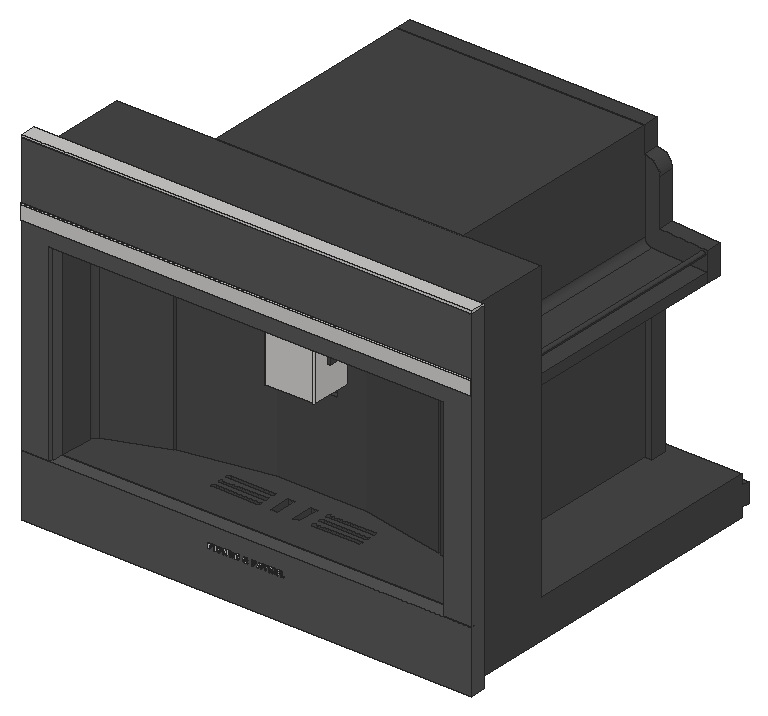
Revit family "FP_Revit_18_EB60DSXB2_Coffee_Maker_90000809A", category Specialty Equipment, Revit 2018
Family settings
  Round Connector Dimension = Use Diameter
  Part Type = Normal
  OmniClass Number = 23.40.40.14.17.31
  OmniClass Title = Small Specialized Cooking Equipment
  Work Plane-Based = No
  Always vertical = Yes
  Cut with Voids When Loaded = Yes
  Shared = No
  Room Calculation Point = No
Parameters (values of type "EB60DSXB2")
  Visibility - Clearance Required = yes
  URL = "www.fisherpaykel.com"
  Product - Width = 596 mm  # constant formula
  Product - Height = 458 mm  # constant formula
  Product - Depth = 480 mm  # constant formula
  Model = "EB60DSXB2"
  Material - Trim = Fisher & Paykel - Stainless Steel
  Material - Glass = Fisher & Paykel - Glass, Black
  Material - Body = Fisher & Paykel - Black
  Manufacturer = "Fisher & Paykel Appliances"
  FFL Offset [instance] = 860 mm
  Description = "Built in Coffee Maker 60cm"
  Connector Description - Electrical = "220-240 V, 50 Hz, 6.1 A"
  Chassis - Width = 560 mm  # constant formula
  Chassis - Height = 445 mm  # constant formula
  Chassis - Depth = 460 mm  # constant formula
  Cavity - Width = 560 mm  # constant formula
  Cavity - Height = 460 mm  # constant formula
  Cavity - Depth = 545 mm  # constant formula
Reference planes
  plane 1 "Center (Front/Back)": y = 0
  plane 2: z = 0
  plane 3 "Center (Left/Right)": x = 0
  plane 4: z = 1320
  plane 5: z = 1318
  plane 6 "Product LHS": x = -298
  plane 7 "Product RHS": x = 298
  plane 8 "Cavity LHS": x = -300
  plane 9 "Cavity RHS": x = 300
  plane 10 "Cavity - Depth": y = 545
  plane 11 "Front Face": y = -20
  plane 12 "Product Depth": y = 460
  plane 13 "FFL Offset": z = 860
Forms (mm)
  Extrusion 1, solid, material "Fisher & Paykel - Glass, Black" <- "Material - Glass", detail levels fine
    sketch origin (0, 0, 915) x (0, 1, 0) y (0, 0, 1)
      loop
        line (0, -54) -> (0, 400) -> (-18.19, 400)
        arc (-18.19, 400) -> (-19.179, 399.792) -> (-20, 399.202) r 2.451
        line (-20, 399.202) -> (-20, 28.9) -> (-13, 28.9) -> (-13, 27.85) -> (-20, 27.85) -> (-20, -54) -> (0, -54)
    from -298 to 298
  Extrusion 2, solid, material "Fisher & Paykel - Stainless Steel" <- "Material - Trim", detail levels fine
    sketch origin (0, 0, 0) x (0, 1, 0) y (0, 0, 1)
      loop
        line (0, 1318) -> (-20, 1318) -> (-20, 1315) -> (0, 1315) -> (0, 1318)
    from -298 to 298
  Extrusion 3, solid, material "Fisher & Paykel - Stainless Steel" <- "Material - Trim", detail levels fine
    sketch origin (0, 0, 915) x (0, 1, 0) y (0, 0, 1)
      loop
        line (-20, 303) -> (-20, 322.8) -> (-20.827, 322.8) -> (-21.702, 320.52) -> (-21.702, 303) -> (-20, 303)
    from -298 to 298
  Extrusion 4, solid, material "Fisher & Paykel - Black" <- "Material - Body"
    sketch origin (0, 0, 0) x (0, 1, 0) y (0, 0, 1)
      loop
        line (116.01, 911.9) -> (116.01, 1305) -> (0, 1305) -> (0, 860) -> (450.02, 860) -> (450.02, 872.9) -> (460, 872.9) -> (460, 898.96) -> (450.02, 898.96) -> (450.02, 911.9) -> (116.01, 911.9)
    from -280 to 280
  Extrusion 5, solid, material "Fisher & Paykel - Black" <- "Material - Body", detail levels fine
    sketch origin (0, 0, 915) x (1, 0, 0) y (0, 0, 1)
      loop
        circle (255.488, 264.858) r 3
      loop
        arc (187.564, 248.08) -> (180.801, 250.881) -> (178, 257.644) r 9.564
        line (178, 257.644) -> (178, 390) -> (-150, 390) -> (-150, 258.403)
        arc (-150, 258.403) -> (-152.821, 251.442) -> (-159.691, 248.408) r 10
        line (-159.691, 248.408) -> (-261.967, 245.247) -> (-261.967, 232.285) -> (-159.605, 228.24)
        arc (-159.605, 228.24) -> (-152.791, 225.178) -> (-150, 218.248) r 10
        line (-150, 218.248) -> (-150, -3.1) -> (178, -3.1) -> (178, 219.061)
        arc (178, 219.061) -> (180.801, 225.824) -> (187.564, 228.625) r 9.564
        line (187.564, 228.625) -> (261.48, 231.852) -> (261.48, 244.856) -> (187.564, 248.08)
      loop
        circle (-255.488, 265.27) r 3
    from -415.81 to -116.01
  Extrusion 6, solid, material "Fisher & Paykel - Black" <- "Material - Body", detail levels fine
    sketch origin (0, 0, 0) x (1, 0, 0) y (0, 0, 1)
      loop
        line (261.48, 1185.549) -> (197.977, 1189.414) -> (197.977, 1250.8)
        arc (197.977, 1250.8) -> (192.126, 1264.926) -> (178, 1270.777) r 19.977
        line (178, 1270.777) -> (178, 1305) -> (-150.023, 1305) -> (-150.023, 1270.366)
        arc (-150.023, 1270.366) -> (-164.149, 1264.514) -> (-170, 1250.389) r 19.977
        line (-170, 1250.389) -> (-170, 1189.558) -> (-261.967, 1185.943) -> (-261.967, 1147.299) -> (-170, 1143.699) -> (-170, 860) -> (-120, 860) -> (-120, 1262.538) -> (145.224, 1262.538) -> (145.224, 911.9) -> (188.072, 911.9) -> (188.072, 1143.699) -> (261.48, 1146.905) -> (261.48, 1185.549)
    from -436.81 to -415.81
  Extrusion 7, void
    sketch origin (0, 0, 0) x (1, 0, 0) y (0, 1, 0)
      loop
        line (-261, -20.25) -> (261, -20.25) -> (261, -16.15) -> (258.097, 43.307)
        arc (258.097, 43.307) -> (256.532, 47.844) -> (252.912, 50.994) r 9.287
        arc (252.912, 50.994) -> (215.2, 66.982) -> (176.484, 80.359) r 600.007
        line (176.484, 80.359) -> (176.484, 87.818) -> (173.853, 87.818) -> (173.853, 81.162)
        arc (173.853, 81.162) -> (0, 106.902) -> (-173.853, 81.162) r 600.007
        line (-173.853, 81.162) -> (-173.853, 87.818) -> (-176.484, 87.818) -> (-176.484, 80.359)
        arc (-176.484, 80.359) -> (-215.2, 66.982) -> (-252.912, 50.994) r 600.007
        arc (-252.912, 50.994) -> (-256.532, 47.844) -> (-258.097, 43.307) r 9.287
        line (-258.097, 43.307) -> (-261, -16.15) -> (-261, -20.25)
    from 942.8 to 1197.8
  Extrusion 8, void
    sketch origin (0, 0, 0) x (1, 0, 0) y (0, 1, 0)
      loop
        arc (-96.162, 73.7) -> (-99.162, 70.7) -> (-96.162, 67.7) r 3
        line (-96.162, 67.7) -> (-36.788, 67.7)
        arc (-36.788, 67.7) -> (-33.788, 70.7) -> (-36.788, 73.7) r 3
        line (-36.788, 73.7) -> (-96.162, 73.7)
      loop
        arc (-96.162, 61.7) -> (-99.162, 58.7) -> (-96.162, 55.7) r 3
        line (-96.162, 55.7) -> (-36.788, 55.7)
        arc (-36.788, 55.7) -> (-33.788, 58.7) -> (-36.788, 61.7) r 3
        line (-36.788, 61.7) -> (-96.162, 61.7)
      loop
        arc (-96.162, 49.7) -> (-99.162, 46.7) -> (-96.162, 43.7) r 3
        line (-96.162, 43.7) -> (-36.788, 43.7)
        arc (-36.788, 43.7) -> (-33.788, 46.7) -> (-36.788, 49.7) r 3
        line (-36.788, 49.7) -> (-96.162, 49.7)
      loop
        line (-19.49, 73.102) -> (-19.49, 44.102) -> (-10.49, 44.102) -> (-10.49, 73.102) -> (-19.49, 73.102)
      loop
        line (96.162, 73.7) -> (36.788, 73.7)
        arc (36.788, 73.7) -> (33.788, 70.7) -> (36.788, 67.7) r 3
        line (36.788, 67.7) -> (96.162, 67.7)
        arc (96.162, 67.7) -> (99.162, 70.7) -> (96.162, 73.7) r 3
      loop
        line (96.162, 61.7) -> (36.788, 61.7)
        arc (36.788, 61.7) -> (33.788, 58.7) -> (36.788, 55.7) r 3
        line (36.788, 55.7) -> (96.162, 55.7)
        arc (96.162, 55.7) -> (99.162, 58.7) -> (96.162, 61.7) r 3
      loop
        line (96.162, 49.7) -> (36.788, 49.7)
        arc (36.788, 49.7) -> (33.788, 46.7) -> (36.788, 43.7) r 3
        line (36.788, 43.7) -> (96.162, 43.7)
        arc (96.162, 43.7) -> (99.162, 46.7) -> (96.162, 49.7) r 3
      loop
        line (19.49, 73.102) -> (10.49, 73.102) -> (10.49, 44.102) -> (19.49, 44.102) -> (19.49, 73.102)
    from 932.9 to 942.8
  Extrusion 9, solid, material "Fisher & Paykel - Black" <- "Material - Body"
    sketch origin (0, 0, 0) x (1, 0, 0) y (0, 1, 0)
      loop
        line (-238.877, 57.3) -> (238.036, 57.3) -> (238.036, 116.01) -> (-238.877, 116.01) -> (-238.877, 57.3)
    from 1171.8 to 1197.8
  Extrusion 10, solid, material "Fisher & Paykel - Stainless Steel" <- "Material - Trim"
    sketch origin (0, 0, 0) x (1, 0, 0) y (0, 1, 0)
      loop
        line (-33, 105.99) -> (-33, 52.807)
        arc (-33, 52.807) -> (-32.412, 51.388) -> (-30.993, 50.8) r 2.007
        line (-30.993, 50.8) -> (31, 50.8)
        arc (31, 50.8) -> (32.414, 51.386) -> (33, 52.8) r 2
        line (33, 52.8) -> (33, 105.99) -> (-33, 105.99)
    from 1083.8 to 1183.5
  Extrusion 11, void
    sketch origin (0, 0, 0) x (1, 0, 0) y (0, 0, 1)
      loop
        line (-19.5, 1083.8) -> (-19.5, 1061.827) -> (19.5, 1061.827) -> (19.5, 1083.8) -> (-19.5, 1083.8)
    from -115 to -105
  Extrusion 12, solid, material "Fisher & Paykel - Black" <- "Material - Body", detail levels fine
    sketch origin (0, 0, 0) x (1, 0, 0) y (0, 0, 1)
      loop
        line (45.9, 1172.885) -> (45.9, 1163.535) -> (47.549, 1163.535) -> (47.549, 1147.911)
        arc (47.549, 1147.911) -> (55.35, 1140.11) -> (63.15, 1147.911) r 7.801
        line (63.15, 1147.911) -> (63.15, 1163.235) -> (73.436, 1163.235) -> (73.436, 1172.885) -> (45.9, 1172.885)
    from -106.934 to -61.01
  Extrusion 13, solid, material "Fisher & Paykel - Black" <- "Material - Body", detail levels fine
    sketch origin (0, 0, 915) x (1, 0, 0) y (0, 0, 1)
      loop
        line (53.653, 257.885) -> (53.653, 225.297)
        arc (53.653, 225.297) -> (55.35, 225.11) -> (57.047, 225.297) r 7.805
        line (57.047, 225.297) -> (57.047, 257.885) -> (53.653, 257.885)
    from -61.01 to -47.51
  Extrusion 14, solid, material "Fisher & Paykel - Black" <- "Material - Body", detail levels fine
    sketch origin (0, 0, 915) x (1, 0, 0) y (0, 0, 1)
      loop
        line (115.224, 76.056) -> (75.224, 76.056) -> (75.224, 21.056) -> (115.224, 21.056) -> (115.224, 76.056)
    from -417 to -415.81
  Extrusion 15, solid, material "Fisher & Paykel - Black" <- "Material - Body", detail levels fine
    sketch origin (0, 0, 915) x (1, 0, 0) y (0, 0, 1)
      loop
        line (107.224, 68.056) -> (83.224, 68.056) -> (83.224, 29.056) -> (107.224, 29.056) -> (107.224, 68.056)
    from -436.81 to -417
  Extrusion 16, solid, material "Fisher & Paykel - Black" <- "Material - Body", detail levels fine
    sketch origin (0, 0, 0) x (1, 0, 0) y (0, 1, 0)
      loop
        circle (95.857, 430.81) r 5
    from 983.056 to 1003
  Extrusion 17, void
    sketch origin (0, 0, 915) x (0, 1, 0) y (0, 0, 1)
      loop
        line (445.9, -19.903) -> (0, -19.903) -> (0, -55) -> (445.9, -55) -> (445.9, -19.903)
    from -54 to 54
  Extrusion 18, solid, material "Fisher & Paykel - Black", detail levels fine
    sketch origin (0, 0, 0) x (1, 0, 0) y (0, 1, 0)
      loop
        line (-210.55, 31.63) -> (-210.55, 5.8) -> (-193.27, 5.8) -> (-193.27, 31.63) -> (-210.55, 31.63)
      loop
        line (-203.25, 13.924) -> (-203.25, 14.725)
        arc (-203.25, 14.725) -> (-201.75, 22.856) -> (-200.25, 14.725) r 4.204
        line (-200.25, 14.725) -> (-200.25, 13.924)
        arc (-200.25, 13.924) -> (-201.75, 23.687) -> (-203.25, 13.924) r 4.997
      loop
        line (-202.15, 17.61) -> (-202.15, 12.8) -> (-201.35, 12.8) -> (-201.35, 17.61) -> (-202.15, 17.61)
    from 1196.9 to 1197.8
  Extrusion 19, solid, material "Fisher & Paykel - Clearance Required", visible <- "Visibility - Clearance Required", detail levels coarse
    sketch origin (0, 0, 0) x (1, 0, 0) y (0, 1, 0)
      loop
        line (-300, 0) -> (-300, -20) -> (300, -20) -> (300, 0) -> (-300, 0)
    from 860 to 1320
  Extrusion 20, solid, material "Fisher & Paykel - Clearance Required", visible <- "Visibility - Clearance Required", detail levels coarse
    sketch origin (0, 0, 0) x (1, 0, 0) y (0, 1, 0)
      loop
        line (-280, 0) -> (280, 0) -> (280, 545) -> (-280, 545) -> (-280, 0)
    from 860 to 1310
  Extrusion 21, solid, material "Fisher & Paykel - Black" <- "Material - Body", detail levels coarse+medium
    sketch origin (0, -20, 915) x (-1, 0, 0) y (0, 0, 1)
      loop
        line (-197.977, 274.414) -> (-261.48, 274.414) -> (-261.48, 228.699) -> (-188.072, 228.699) -> (-188.072, -3.1) -> (170, -3.1) -> (170, 228.699) -> (261.967, 228.699) -> (261.967, 274.558) -> (170, 274.558) -> (170, 390.05) -> (-197.977, 390.05) -> (-197.977, 274.414)
    from 136.01 to 456.81
  Extrusion 22, solid, material "Fisher & Paykel - Glass, Black" <- "Material - Glass", detail levels coarse+medium
    sketch origin (0, 0, 915) x (1, 0, 0) y (0, 0, 1)
      loop
        line (-298, -54) -> (298, -54) -> (298, 403) -> (-298, 403) -> (-298, -54)
      loop
        line (261, 282.85) -> (-261, 282.85) -> (-261, 27.85) -> (261, 27.85) -> (261, 282.85)
    from 0 to 20
  Extrusion 23, void
    sketch origin (0, 0, 0) x (1, 0, 0) y (0, 1, 0)
      loop
        line (-280, 545) -> (-280, 0) -> (280, 0) -> (280, 545) -> (-280, 545)
    from 860 to 1310
  Extrusion 24, void
    sketch origin (0, 0, 0) x (1, 0, 0) y (0, 1, 0)
      loop
        line (-300, 0) -> (-300, -20) -> (300, -20) -> (300, 0) -> (-300, 0)
    from 860 to 1320
Cuts and joins
  Extrusion 7 cuts Extrusion 1
  Extrusion 7, Extrusion 8, Extrusion 11, Extrusion 17 cuts Extrusion 4
  joined: Extrusion 4, Extrusion 9
Lines and regions (mm)
  model lines, detail levels medium+fine
    curve 1: line (-47, -20, 1293.952) -> (47, -20, 1293.952)
    curve 2: line (-47, -20, 1240.952) -> (-47, -20, 1293.952)
    curve 3: line (47, -20, 1240.952) -> (-47, -20, 1240.952)
    curve 4: line (47, -20, 1293.952) -> (47, -20, 1240.952)
Text (mm)
  text "Due to ongoing product development, product details are subject to change without notice. \nPlease always refer to www.fisherpaykel.com for the most current product information. \n© Fisher & Paykel 2020" at (41.04, -248.295, 0), in view "Ref. Level (Plan)"
Dimensions and locks
  equal spacing: plane 6 "Product LHS", plane 3 "Center (Left/Right)", plane 7 "Product RHS"
  "Product - Width": plane 6 "Product LHS" to plane 7 "Product RHS"
  equal spacing: plane 8 "Cavity LHS", plane 3 "Center (Left/Right)", plane 9 "Cavity RHS"
  locked: plane 8 "Cavity LHS" to plane 9 "Cavity RHS" at 600
  "Cavity - Depth": plane 10 "Cavity - Depth" to plane 1 "Center (Front/Back)"
  plane 11 "Front Face" to plane 1 "Center (Front/Back)" = 20 mm
  "Chassis - Depth": plane 1 "Center (Front/Back)" to plane 12 "Product Depth"
  "Product - Depth": plane 12 "Product Depth" to plane 11 "Front Face"
  "Chassis - Width": cut or joined group of Extrusion 4, Extrusion 7, Extrusion 8, Extrusion 9, Extrusion 11, Extrusion 17 to cut or joined group of Extrusion 4, Extrusion 7, Extrusion 8, Extrusion 9, Extrusion 11, Extrusion 17
  "FFL Offset": plane 13 "FFL Offset" to level
  "Chassis - Height": cut or joined group of Extrusion 4, Extrusion 7, Extrusion 8, Extrusion 9, Extrusion 11, Extrusion 17 to plane 13 "FFL Offset"
  "Product - Height": plane 5 to plane 13 "FFL Offset"
  "Cavity - Height": plane 4 to plane 13 "FFL Offset"
  locked: Extrusion 23 to plane 13 "FFL Offset" at 450
  locked: plane 5 to Extrusion 21 at 12.95
  locked: Extrusion 3 to plane 13 "FFL Offset" at 358
  locked: plane 13 "FFL Offset" to cut or joined group of Extrusion 1, Extrusion 7 at 1
  locked: plane 13 "FFL Offset" to cut or joined group of Extrusion 4, Extrusion 7, Extrusion 8, Extrusion 9, Extrusion 11, Extrusion 17 at 82.8
  locked: plane 13 "FFL Offset" to Extrusion 22 sketch curve at 337.85
  locked: cut or joined group of Extrusion 4, Extrusion 7, Extrusion 8, Extrusion 9, Extrusion 11, Extrusion 17 to plane 13 "FFL Offset" at 337.8
  locked: cut or joined group of Extrusion 4, Extrusion 7, Extrusion 8, Extrusion 9, Extrusion 11, Extrusion 17 to plane 13 "FFL Offset" at 51.9
  locked: plane 5 to Extrusion 3 at 100
  locked: plane 5 to Extrusion 22 at 120.15
  locked: plane 5 to Extrusion 22 at 375.15
  locked: Extrusion 16 to plane 13 "FFL Offset" at 143
  locked: cut or joined group of Extrusion 4, Extrusion 7, Extrusion 8, Extrusion 9, Extrusion 11, Extrusion 17 to cut or joined group of Extrusion 4, Extrusion 7, Extrusion 8, Extrusion 9, Extrusion 11, Extrusion 17 at 9.9
  locked: nested 1 to plane 13 "FFL Offset" at 61.04
  locked: Extrusion 10 to plane 13 "FFL Offset" at 323.5
  locked: Extrusion 10 to plane 13 "FFL Offset" at 223.8
  locked: cut or joined group of Extrusion 4, Extrusion 7, Extrusion 8, Extrusion 9, Extrusion 11, Extrusion 17 to plane 13 "FFL Offset" at 201.827
  locked: cut or joined group of Extrusion 4, Extrusion 7, Extrusion 8, Extrusion 9, Extrusion 11, Extrusion 17 to plane 13 "FFL Offset" at 311.8
  locked: Extrusion 12 to plane 13 "FFL Offset" at 312.885
  locked: Extrusion 22 to Extrusion 18 at 0.95
  locked: plane 5 to Extrusion 23 at 8
  locked: Extrusion 17 sketch curve to plane 13 "FFL Offset" at 35.097
  plane 5 to curve 3 = 77.048 mm
  locked: plane 5 to curve 1 at 24.048
  locked: Extrusion 15 to plane 13 "FFL Offset" at 84.056
  locked: Extrusion 15 to plane 13 "FFL Offset" at 123.056
  locked: plane 5 to curve 3 at 77.048
  "Cavity - Width": Extrusion 23 to Extrusion 23
  aligned and locked: level to plane 2
  aligned and locked: Extrusion 3 to plane 7 "Product RHS"
  aligned and locked: plane 6 "Product LHS" to Extrusion 3
  aligned and locked: Extrusion 2 to plane 7 "Product RHS"
  aligned and locked: plane 6 "Product LHS" to Extrusion 2
  aligned and locked: plane 6 "Product LHS" to Extrusion 1
  aligned and locked: Extrusion 1 to plane 7 "Product RHS"
  aligned and locked: plane 9 "Cavity RHS" to Extrusion 19 sketch curve
  aligned and locked: Extrusion 19 sketch curve to plane 8 "Cavity LHS"
  aligned and locked: plane 1 "Center (Front/Back)" to Extrusion 19 sketch curve
  aligned and locked: Extrusion 5 to cut or joined group of Extrusion 4, Extrusion 7, Extrusion 8, Extrusion 9, Extrusion 11, Extrusion 17
  aligned and locked: Extrusion 5 to Extrusion 4
  aligned and locked: Extrusion 6 to Extrusion 5
  aligned and locked: plane 4 to Extrusion 24
  aligned and locked: plane 5 to Extrusion 2
  aligned and locked: Extrusion 24 to Extrusion 19
  aligned and locked: plane 5 to Extrusion 22 sketch curve
  aligned and locked: Extrusion 21 to Extrusion 5
  aligned and locked: Extrusion 5 to Extrusion 6
  aligned and locked: Extrusion 8 to Extrusion 7
  aligned and locked: Extrusion 11 to Extrusion 10
  aligned and locked: cut or joined group of Extrusion 1, Extrusion 7 to Extrusion 18
  aligned and locked: Extrusion 19 to Extrusion 17
  aligned and locked: plane 13 "FFL Offset" to Extrusion 4 sketch curve
  aligned and locked: Extrusion 4 to Extrusion 17
  aligned and locked: Extrusion 23 to cut or joined group of Extrusion 4, Extrusion 7, Extrusion 8, Extrusion 9, Extrusion 11, Extrusion 17
  aligned and locked: cut or joined group of Extrusion 4, Extrusion 7, Extrusion 8, Extrusion 9, Extrusion 11, Extrusion 17 to Extrusion 6
  aligned and locked: Extrusion 24 to cut or joined group of Extrusion 4, Extrusion 7, Extrusion 8, Extrusion 9, Extrusion 11, Extrusion 17
  aligned and locked: Extrusion 20 to Extrusion 23
  aligned and locked: Extrusion 20 to Extrusion 6
  aligned and locked: Extrusion 7 to Extrusion 9
  aligned and locked: Extrusion 16 to Extrusion 15
Automatic sketch dimensions
  Extrusion 3 sketch curve to Extrusion 3 sketch curve = 17.52 mm
  Extrusion 3 sketch curve to Extrusion 3 sketch curve = 0.875 mm
  Extrusion 3 sketch curve to Extrusion 3 sketch curve = 0.827 mm
  Extrusion 3 sketch curve to Extrusion 3 sketch curve = 2.28 mm
  Extrusion 7 sketch curve to Extrusion 7 sketch curve = 0 mm  (x4)
  Extrusion 7 sketch curve to plane 3 "Center (Left/Right)" = 0 mm
  Extrusion 7 sketch curve to plane 6 "Product LHS" = 124.147 mm
  Extrusion 7 sketch curve to Extrusion 7 sketch curve = 2.63 mm  (x2)
  Extrusion 7 sketch curve to plane 6 "Product LHS" = 49.167 mm
  Extrusion 7 sketch curve to Extrusion 7 sketch curve = 9.264 mm  (x2)
  Extrusion 7 sketch curve to plane 6 "Product LHS" = 37 mm
  plane 7 "Product RHS" to Extrusion 7 sketch curve = 124.147 mm
  plane 7 "Product RHS" to Extrusion 7 sketch curve = 49.167 mm
  plane 1 "Center (Front/Back)" to Extrusion 7 sketch curve = 16.15 mm
  plane 7 "Product RHS" to Extrusion 7 sketch curve = 37 mm
  plane 1 "Center (Front/Back)" to Extrusion 7 sketch curve = 493.105 mm
  Extrusion 7 sketch curve to plane 1 "Center (Front/Back)" = 42.65 mm  (x2)
  Extrusion 7 sketch curve to Extrusion 7 sketch curve = 0.657 mm  (x2)
  Extrusion 7 sketch curve to plane 1 "Center (Front/Back)" = 80.359 mm  (x2)
  Extrusion 7 sketch curve to Extrusion 7 sketch curve = 0.803 mm
  Extrusion 7 sketch curve to Extrusion 7 sketch curve = 6.656 mm  (x2)
  Extrusion 7 sketch curve to Extrusion 7 sketch curve = 4.1 mm  (x2)
  Extrusion 8 sketch curve to plane 3 "Center (Left/Right)" = 96.162 mm
  Extrusion 8 sketch curve to Extrusion 8 sketch curve = 0 mm  (x9)
  Extrusion 8 sketch curve to plane 3 "Center (Left/Right)" = 36.788 mm
  Extrusion 8 sketch curve to Extrusion 8 sketch curve = 17.298 mm  (x3)
  Extrusion 8 sketch curve to Extrusion 8 sketch curve = 9 mm  (x2)
  plane 3 "Center (Left/Right)" to Extrusion 8 sketch curve = 10.49 mm
  Extrusion 8 sketch curve to Extrusion 8 sketch curve = 59.375 mm
  Extrusion 8 sketch curve to plane 1 "Center (Front/Back)" = 43.7 mm  (x2)
  Extrusion 8 sketch curve to Extrusion 8 sketch curve = 0.402 mm
  Extrusion 8 sketch curve to Extrusion 8 sketch curve = 3 mm  (x6)
  Extrusion 8 sketch curve to Extrusion 8 sketch curve = 6 mm  (x4)
  Extrusion 8 sketch curve to Extrusion 8 sketch curve = 0.598 mm
  Extrusion 10 sketch curve to Extrusion 10 sketch curve = 2.007 mm
  Extrusion 10 sketch curve to Extrusion 10 sketch curve = 53.19 mm
  Extrusion 11 sketch curve to plane 3 "Center (Left/Right)" = 19.5 mm
  plane 3 "Center (Left/Right)" to Extrusion 11 sketch curve = 19.5 mm
  level to Extrusion 11 sketch curve = 1061.827 mm
  Extrusion 11 sketch curve to Extrusion 11 sketch curve = 21.973 mm
  Extrusion 12 sketch curve to Extrusion 12 sketch curve = 1.649 mm
  Extrusion 12 sketch curve to Extrusion 12 sketch curve = 7.801 mm
  Extrusion 12 sketch curve to Extrusion 12 sketch curve = 10.286 mm
  Extrusion 12 sketch curve to Extrusion 12 sketch curve = 15.324 mm
  Extrusion 12 sketch curve to Extrusion 12 sketch curve = 0.3 mm
  Extrusion 12 sketch curve to Extrusion 12 sketch curve = 9.35 mm
  Extrusion 13 sketch curve to Extrusion 13 sketch curve = 1.697 mm
  Extrusion 13 sketch curve to Extrusion 13 sketch curve = 7.618 mm
  Extrusion 13 sketch curve to Extrusion 13 sketch curve = 24.97 mm
  Extrusion 13 sketch curve to Extrusion 13 sketch curve = 3.394 mm
  Extrusion 14 sketch curve to Extrusion 14 sketch curve = 40 mm
  Extrusion 14 sketch curve to Extrusion 14 sketch curve = 55 mm
  Extrusion 15 sketch curve to Extrusion 15 sketch curve = 24 mm
  Extrusion 15 sketch curve to Extrusion 15 sketch curve = 39 mm
  level to Extrusion 17 sketch curve = 860 mm
  Extrusion 17 sketch curve to plane 1 "Center (Front/Back)" = 0 mm
  Extrusion 18 sketch curve to Extrusion 18 sketch curve = 7.3 mm
  Extrusion 18 sketch curve to Extrusion 18 sketch curve = 1.1 mm  (x2)
  Extrusion 18 sketch curve to Extrusion 18 sketch curve = 0.4 mm
  Extrusion 18 sketch curve to Extrusion 18 sketch curve = 0 mm
  Extrusion 18 sketch curve to Extrusion 18 sketch curve = 0.8 mm
  Extrusion 18 sketch curve to Extrusion 18 sketch curve = 8.08 mm
  Extrusion 18 sketch curve to Extrusion 18 sketch curve = 7 mm
  Extrusion 18 sketch curve to Extrusion 18 sketch curve = 1.124 mm
  Extrusion 18 sketch curve to Extrusion 18 sketch curve = 0.801 mm
  Extrusion 18 sketch curve to Extrusion 18 sketch curve = 2.885 mm
  Extrusion 18 sketch curve to Extrusion 18 sketch curve = 1.042 mm
  Extrusion 18 sketch curve to Extrusion 18 sketch curve = 0.038 mm
  Extrusion 18 sketch curve to Extrusion 18 sketch curve = 12.94 mm
  Extrusion 9 sketch curve to plane 6 "Product LHS" = 59.123 mm
  Extrusion 9 sketch curve to plane 1 "Center (Front/Back)" = 57.3 mm
  plane 7 "Product RHS" to Extrusion 9 sketch curve = 59.964 mm
  Extrusion 9 sketch curve to Extrusion 9 sketch curve = 58.71 mm
  plane 1 "Center (Front/Back)" to Extrusion 19 sketch curve = 20 mm
  Extrusion 17 sketch curve to plane 10 "Cavity - Depth" = 99.1 mm
  Extrusion 6 sketch curve to plane 6 "Product LHS" = 36.033 mm
  level to Extrusion 6 sketch curve = 860 mm
  Extrusion 6 sketch curve to plane 6 "Product LHS" = 128 mm
  Extrusion 6 sketch curve to Extrusion 6 sketch curve = 0 mm
  Extrusion 6 sketch curve to Extrusion 6 sketch curve = 19.977 mm
  Extrusion 6 sketch curve to Extrusion 6 sketch curve = 30.023 mm
  level to Extrusion 6 sketch curve = 911.9 mm
  plane 3 "Center (Left/Right)" to Extrusion 6 sketch curve = 145.224 mm
  Extrusion 6 sketch curve to plane 5 = 13 mm
  Extrusion 6 sketch curve to Extrusion 6 sketch curve = 32.776 mm
  Extrusion 6 sketch curve to Extrusion 6 sketch curve = 10.072 mm
  Extrusion 6 sketch curve to Extrusion 6 sketch curve = 9.905 mm
  plane 7 "Product RHS" to Extrusion 6 sketch curve = 36.52 mm
  Extrusion 6 sketch curve to Extrusion 6 sketch curve = 161.301 mm  (x2)
  Extrusion 6 sketch curve to Extrusion 6 sketch curve = 3.205 mm
  Extrusion 6 sketch curve to Extrusion 6 sketch curve = 3.6 mm
  Extrusion 6 sketch curve to Extrusion 6 sketch curve = 38.645 mm
  Extrusion 6 sketch curve to Extrusion 6 sketch curve = 38.644 mm
  Extrusion 6 sketch curve to Extrusion 6 sketch curve = 45.715 mm
  Extrusion 6 sketch curve to Extrusion 6 sketch curve = 45.858 mm
  Extrusion 6 sketch curve to Extrusion 6 sketch curve = 54.611 mm
  Extrusion 6 sketch curve to Extrusion 6 sketch curve = 54.2 mm
  Extrusion 6 sketch curve to Extrusion 6 sketch curve = 7.828 mm
  Extrusion 5 sketch curve to plane 6 "Product LHS" = 36.033 mm
  Extrusion 5 sketch curve to Extrusion 5 sketch curve = 6.478 mm
  Extrusion 5 sketch curve to Extrusion 5 sketch curve = 95.488 mm
  Extrusion 5 sketch curve to Extrusion 5 sketch curve = 0.309 mm  (x2)
  Extrusion 5 sketch curve to Extrusion 5 sketch curve = 0.395 mm
  Extrusion 5 sketch curve to Extrusion 5 sketch curve = 10 mm  (x2)
  plane 7 "Product RHS" to Extrusion 5 sketch curve = 120 mm  (x2)
  Extrusion 5 sketch curve to plane 5 = 13 mm
  Extrusion 5 sketch curve to Extrusion 5 sketch curve = 9.564 mm  (x2)
  plane 7 "Product RHS" to Extrusion 5 sketch curve = 42.512 mm
  Extrusion 5 sketch curve to Extrusion 5 sketch curve = 5.992 mm
  Extrusion 5 sketch curve to Extrusion 5 sketch curve = 171.752 mm
  Extrusion 5 sketch curve to Extrusion 5 sketch curve = 170.939 mm
  Extrusion 5 sketch curve to Extrusion 5 sketch curve = 3.227 mm
  Extrusion 5 sketch curve to Extrusion 5 sketch curve = 4.045 mm
  Extrusion 5 sketch curve to Extrusion 5 sketch curve = 13.004 mm
  Extrusion 5 sketch curve to Extrusion 5 sketch curve = 12.962 mm
  Extrusion 5 sketch curve to Extrusion 5 sketch curve = 20.168 mm
  Extrusion 5 sketch curve to Extrusion 5 sketch curve = 19.455 mm
  Extrusion 5 sketch curve to Extrusion 5 sketch curve = 20.001 mm
  Extrusion 5 sketch curve to Extrusion 5 sketch curve = 20.023 mm
  Extrusion 20 sketch curve to plane 10 "Cavity - Depth" = 0 mm
  plane 1 "Center (Front/Back)" to Extrusion 20 sketch curve = 0 mm
  Extrusion 20 sketch curve to plane 6 "Product LHS" = 18 mm
  plane 7 "Product RHS" to Extrusion 20 sketch curve = 18 mm
  level to Extrusion 5 sketch curve = 911.9 mm
  Extrusion 21 sketch curve to plane 5 = 12.95 mm
  plane 7 "Product RHS" to Extrusion 21 sketch curve = 100.023 mm
  Extrusion 21 sketch curve to Extrusion 21 sketch curve = 9.905 mm
  level to Extrusion 21 sketch curve = 911.9 mm
  Extrusion 21 sketch curve to plane 6 "Product LHS" = 128 mm  (x2)
  Extrusion 21 sketch curve to plane 6 "Product LHS" = 36.033 mm
  Extrusion 21 sketch curve to Extrusion 21 sketch curve = 161.351 mm  (x2)
  Extrusion 21 sketch curve to Extrusion 21 sketch curve = 45.858 mm
  plane 7 "Product RHS" to Extrusion 21 sketch curve = 36.52 mm
  Extrusion 21 sketch curve to Extrusion 21 sketch curve = 45.715 mm
  Extrusion 1 sketch curve to plane 11 "Front Face" = 0 mm  (x2)
  Extrusion 1 sketch curve to plane 1 "Center (Front/Back)" = 0 mm
  plane 11 "Front Face" to Extrusion 1 sketch curve = 1.81 mm
  plane 11 "Front Face" to Extrusion 1 sketch curve = 7 mm
  level to Extrusion 1 sketch curve = 861 mm
  Extrusion 1 sketch curve to Extrusion 1 sketch curve = 81.85 mm
  Extrusion 1 sketch curve to Extrusion 1 sketch curve = 1.05 mm
  Extrusion 1 sketch curve to plane 5 = 3 mm
  Extrusion 1 sketch curve to Extrusion 1 sketch curve = 2.451 mm
  Extrusion 23 sketch curve to plane 1 "Center (Front/Back)" = 0 mm
  plane 10 "Cavity - Depth" to Extrusion 23 sketch curve = 0 mm
  Extrusion 23 sketch curve to plane 6 "Product LHS" = 18 mm
  plane 7 "Product RHS" to Extrusion 23 sketch curve = 18 mm
  Extrusion 24 sketch curve to plane 8 "Cavity LHS" = 0 mm
  Extrusion 24 sketch curve to plane 9 "Cavity RHS" = 0 mm
  Extrusion 24 sketch curve to plane 1 "Center (Front/Back)" = 0 mm
  Extrusion 24 sketch curve to plane 11 "Front Face" = 0 mm
  Extrusion 2 sketch curve to plane 11 "Front Face" = 0 mm
  Extrusion 2 sketch curve to plane 1 "Center (Front/Back)" = 0 mm
  plane 13 "FFL Offset" to Extrusion 2 sketch curve = 455 mm
  Extrusion 2 sketch curve to Extrusion 2 sketch curve = 3 mm
  Extrusion 10 sketch curve to Extrusion 10 sketch curve = 61.993 mm
  Extrusion 10 sketch curve to Extrusion 10 sketch curve = 2 mm
  plane 6 "Product LHS" to Extrusion 22 sketch curve = 0 mm
  plane 7 "Product RHS" to Extrusion 22 sketch curve = 0 mm
  Extrusion 22 sketch curve to plane 6 "Product LHS" = 37 mm
  plane 7 "Product RHS" to Extrusion 22 sketch curve = 37 mm
  plane 13 "FFL Offset" to Extrusion 22 sketch curve = 82.85 mm
  plane 13 "FFL Offset" to Extrusion 22 sketch curve = 1 mm
  Extrusion 3 sketch curve to plane 11 "Front Face" = 0 mm
  Extrusion 3 sketch curve to plane 5 = 100 mm
  Extrusion 10 sketch curve to plane 3 "Center (Left/Right)" = 33 mm
  Extrusion 10 sketch curve to plane 1 "Center (Front/Back)" = 50.8 mm
  plane 3 "Center (Left/Right)" to Extrusion 12 sketch curve = 45.9 mm
  Extrusion 12 sketch curve to plane 5 = 170.089 mm
  plane 3 "Center (Left/Right)" to Extrusion 13 sketch curve = 53.653 mm
  Extrusion 13 sketch curve to plane 5 = 177.703 mm
  plane 3 "Center (Left/Right)" to Extrusion 14 sketch curve = 75.224 mm
  plane 13 "FFL Offset" to Extrusion 14 sketch curve = 76.056 mm
  plane 3 "Center (Left/Right)" to Extrusion 15 sketch curve = 83.224 mm
  plane 13 "FFL Offset" to Extrusion 15 sketch curve = 84.056 mm
  Extrusion 16 sketch curve to plane 12 "Product Depth" = 29.19 mm
  plane 3 "Center (Left/Right)" to Extrusion 16 sketch curve = 95.857 mm
  Extrusion 18 sketch curve to plane 1 "Center (Front/Back)" = 5.8 mm
  Extrusion 18 sketch curve to plane 6 "Product LHS" = 87.45 mm
  Extrusion 4 sketch curve to plane 1 "Center (Front/Back)" = 0 mm
  Extrusion 4 sketch curve to plane 12 "Product Depth" = 0 mm
  Extrusion 4 sketch curve to plane 5 = 13 mm
  Extrusion 4 sketch curve to plane 1 "Center (Front/Back)" = 116.01 mm
  Extrusion 4 sketch curve to plane 12 "Product Depth" = 9.98 mm
  Extrusion 4 sketch curve to Extrusion 4 sketch curve = 9.98 mm
  plane 13 "FFL Offset" to Extrusion 4 sketch curve = 12.9 mm
  Extrusion 4 sketch curve to Extrusion 4 sketch curve = 26.06 mm
  plane 13 "FFL Offset" to Extrusion 4 sketch curve = 51.9 mm
  plane 3 "Center (Left/Right)" to curve 1 = 47 mm
  curve 3 to plane 3 "Center (Left/Right)" = 47 mm
  radius of Extrusion 16 sketch curve = 5 mm
  radius of Extrusion 5 sketch curve = 3 mm  (x2)
Nested families
  nested 1: "F&P Logo 100mm" at (0, -20, 915), type "F&P Logo 100mm", detail levels fine
Connectors
  electrical at (95.857, 430.81, 1003), driven by "Connector Description - Electrical"
    settings: on Extrusion 16, index 1, voltage 230 V, apparent load 0 VA, apparent load phase1 0 VA, apparent load phase2 0 VA, apparent load phase3 0 VA, power factor 1, load classification "Other", number of poles 1, system type 30, power factor state 1, is connector primary yes, connector utility no, sub classification motor no, connector description "220-240 V, 50 Hz, 6.1 A"
Definition of nested family "F&P Logo 100mm"
  Parameters (values of type "F&P Logo 100mm")
    URL = "www.fisherpaykel.com"
    Material - Logo = none
    Manufacturer = "Fisher & Paykel Appliances"
  Reference planes
    plane 1 "Center (Front/Back)": y = 0
    plane 2: z = 0
    plane 3 "Center (Left/Right)": x = 0
  Forms (mm)
    Extrusion 1, solid, material <- "Material - Logo", detail levels fine
      sketch origin (0, 0, 0) x (1, 0, 0) y (0, 0, 1)
        loop
          line (-50.044, 0) -> (-48.47, 0) -> (-48.47, 2.138) -> (-46.011, 2.138) -> (-46.011, 3.472) -> (-48.47, 3.472) -> (-48.47, 4.712) -> (-45.795, 4.712) -> (-45.795, 6.04) -> (-50.044, 6.04) -> (-50.044, 0)
        loop
          line (-42.804, 6.04) -> (-42.804, 0) -> (-41.23, 0) -> (-41.23, 6.04) -> (-42.804, 6.04)
        loop
          line (-30.724, 6.04) -> (-30.724, 0) -> (-29.151, 0) -> (-29.151, 2.42) -> (-26.839, 2.42) -> (-26.839, 0) -> (-25.265, 0) -> (-25.265, 6.04) -> (-26.839, 6.04) -> (-26.839, 3.748) -> (-29.151, 3.748) -> (-29.151, 6.04) -> (-30.724, 6.04)
        loop
          line (-21.906, 6.04) -> (-21.906, 0) -> (-17.602, 0) -> (-17.602, 1.328) -> (-20.347, 1.328) -> (-20.347, 2.42) -> (-17.838, 2.42) -> (-17.838, 3.748) -> (-20.347, 3.748) -> (-20.347, 4.712) -> (-17.602, 4.712) -> (-17.602, 6.04) -> (-21.906, 6.04)
        loop
          line (45.667, 6.04) -> (45.667, 0) -> (49.956, 0) -> (49.956, 1.328) -> (47.241, 1.328) -> (47.241, 6.04) -> (45.667, 6.04)
        loop
          line (42.431, 6.04) -> (38.112, 6.04) -> (38.112, 0) -> (42.431, 0) -> (42.431, 1.328) -> (39.687, 1.328) -> (39.687, 2.42) -> (42.195, 2.42) -> (42.195, 3.748) -> (39.687, 3.748) -> (39.687, 4.712) -> (42.431, 4.712) -> (42.431, 6.04)
        loop
          line (33.451, 3.148) -> (35.683, 6.04) -> (33.844, 6.04) -> (31.915, 3.542) -> (31.915, 6.04) -> (30.342, 6.04) -> (30.342, 0) -> (31.915, 0) -> (31.915, 2.705) -> (33.903, 0) -> (35.763, 0) -> (33.451, 3.148)
        loop
          line (21.98, 6.04) -> (24.262, 2.42) -> (24.262, 0) -> (25.837, 0) -> (25.837, 2.341) -> (28.119, 6.04) -> (26.446, 6.04) -> (25.099, 3.707) -> (23.753, 6.04) -> (21.98, 6.04)
        loop
          line (18.479, 6.04) -> (16.983, 6.04) -> (14.524, 0) -> (16.069, 0) -> (16.501, 1.112) -> (18.921, 1.112) -> (19.354, 0) -> (20.938, 0) -> (18.479, 6.04)
        loop
          line (18.4, 2.439) -> (17.693, 4.174) -> (17.018, 2.439) -> (18.4, 2.439)
        loop
          line (8.031, 6.04) -> (8.031, 0) -> (9.605, 0) -> (9.605, 1.938) -> (10.599, 1.938)
          arc (10.599, 1.938) -> (12.65, 3.989) -> (10.599, 6.04) r 2.051
          line (10.599, 6.04) -> (8.031, 6.04)
        loop
          line (9.605, 4.712) -> (9.605, 3.197) -> (10.501, 3.197)
          arc (10.501, 3.197) -> (11.259, 3.954) -> (10.501, 4.712) r 0.757
          line (10.501, 4.712) -> (9.605, 4.712)
        loop
          line (-11.783, 6.04) -> (-14.366, 6.04) -> (-14.366, 0) -> (-12.792, 0) -> (-12.792, 1.336) -> (-11.992, 1.336) -> (-10.972, 0) -> (-9.153, 0) -> (-10.694, 1.973)
          arc (-10.694, 1.973) -> (-9.678, 4.424) -> (-11.783, 6.04) r 2.179
        loop
          line (-11.897, 4.712) -> (-12.792, 4.712) -> (-12.792, 3.053) -> (-11.897, 3.053)
          arc (-11.897, 3.053) -> (-11.068, 3.882) -> (-11.897, 4.712) r 0.83
        loop
          line (0.477, 4.712) -> (0.477, 6.153) -> (-3.575, 6.153) -> (-3.575, 4.851) -> (-2.974, 4.112)
          arc (-2.974, 4.112) -> (-3.51, 0.684) -> (-0.045, 0.512) r 2.334
          line (-0.045, 0.512) -> (0.46, -0.109) -> (2.246, -0.109) -> (0.86, 1.594) -> (2.061, 3.324) -> (0.443, 3.324) -> (-0.013, 2.667) -> (-1.677, 4.712) -> (0.477, 4.712)
        loop
          arc (-2.125, 3.068) -> (-2.269, 1.668) -> (-0.868, 1.524) r 0.996
          line (-0.868, 1.524) -> (-2.125, 3.068)
        loop
          line (-35.18, 3.634) -> (-36.516, 3.91)
          arc (-36.516, 3.91) -> (-37.049, 4.443) -> (-36.516, 4.976) r 0.533
          arc (-36.516, 4.976) -> (-35.235, 4.79) -> (-34.059, 4.248) r 4.505
          line (-34.059, 4.248) -> (-34.059, 5.743)
          arc (-34.059, 5.743) -> (-35.549, 6.179) -> (-37.1, 6.109) r 4.726
          arc (-37.1, 6.109) -> (-38.536, 4.335) -> (-37.1, 2.561) r 1.814
          line (-37.1, 2.561) -> (-35.754, 2.282)
          arc (-35.754, 2.282) -> (-35.221, 1.749) -> (-35.754, 1.216) r 0.533
          arc (-35.754, 1.216) -> (-37.035, 1.402) -> (-38.211, 1.945) r 4.505
          line (-38.211, 1.945) -> (-38.211, 0.449)
          arc (-38.211, 0.449) -> (-36.72, 0.013) -> (-35.169, 0.083) r 4.726
          arc (-35.169, 0.083) -> (-33.734, 1.863) -> (-35.18, 3.634) r 1.814
      from 0 to 0.8
  Dimensions and locks
    aligned and locked: level to plane 2
